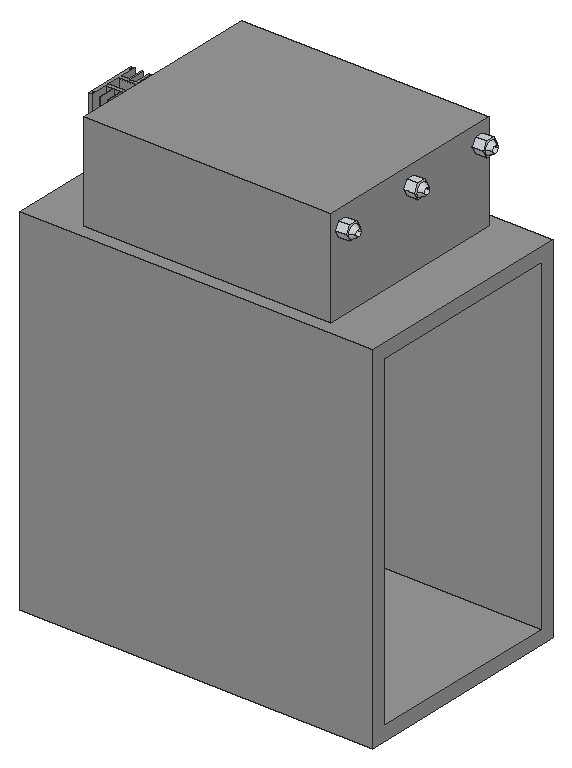
Revit family "НЕВАТОМ_Нaгреватель NEP-E, Версия 2", category Оборудование, Revit 2017
Family settings
  Размер круглого соединителя = Использовать диаметр
  Тип детали = Нормальный
  На основе рабочей плоскости = Нет
  Всегда вертикально = Да
  При загрузке вырезать с полостями = Нет
  Общий = Нет
  Точка расчета площади = Нет
Parameters (values of type "Нагреватель электрический NEP-E")
  НЕВАТОМ_Минимальный расход воздуха = 810.0 m³/h
  НЕВАТОМ_URL = "https://t.me/NEVATOM_Bim_bot"
  НЕВАТОМ_NEIVA = if(and(НЕВАТОМ_Минимальный расход воздуха = 432.0 m³/h, ADSK_Номинальная мощность = 6 kW), "NEIVA FPV 1000", if(and(НЕВАТОМ_Минимальный расход воздуха = 675.0 m³/h, ADSK_Номинальная мощность = 7.5 kW), "NEIVA FPV 1000", if(and(НЕВАТОМ_Минимальный расход воздуха = 675.0 m³/h, ADSK_Номинальная мощность = 15 kW), "NEIVA FPV 1000", if(and(НЕВАТОМ_Минимальный расход воздуха = 810.0 m³/h, ADSK_Номинальная мощность = 15 kW), "NEIVA FPV 2000", if(and(НЕВАТОМ_Минимальный расход воздуха = 810.0 m³/h, ADSK_Номинальная мощность = 22.5 kW), "NEIVA FPV 2000", if(and(НЕВАТОМ_Минимальный расход воздуха = 1134.0 m³/h, ADSK_Номинальная мощность = 15 kW), "NEIVA FP 3000", if(and(НЕВАТОМ_Минимальный расход воздуха = 1134.0 m³/h, ADSK_Номинальная мощность = 22.5 kW), "NEIVA FP 3000", if(and(НЕВАТОМ_Минимальный расход воздуха = 1134.0 m³/h, ADSK_Номинальная мощность = 30 kW), "NEIVA FP 3000", if(and(НЕВАТОМ_Минимальный расход воздуха = 1134.0 m³/h, ADSK_Номинальная мощность = 37.5 kW), "NEIVA FP 3000", if(and(НЕВАТОМ_Минимальный расход воздуха = 432.0 m³/h, ADSK_Номинальная мощность = 6 kW), "NEIVA FR 1000", if(and(НЕВАТОМ_Минимальный расход воздуха = 432.0 m³/h, ADSK_Номинальная мощность = 12 kW), " NEIVA FR 1000", "нет данных")))))))))))  # "нет данных"
  Материал = Сталь оцинкованная
  L2 = L * 0.7  # 375.2 mm
  L = if(and(НЕВАТОМ_Минимальный расход воздуха = 243.0 m³/h, ADSK_Номинальная мощность = 3 kW), 536 mm, if(and(НЕВАТОМ_Минимальный расход воздуха = 243.0 m³/h, ADSK_Номинальная мощность = 4.5 kW), 536 mm, if(and(НЕВАТОМ_Минимальный расход воздуха = 432.0 m³/h, ADSK_Номинальная мощность = 6 kW), 536 mm, if(and(НЕВАТОМ_Минимальный расход воздуха = 432.0 m³/h, ADSK_Номинальная мощность = 12 kW), 635 mm, if(and(НЕВАТОМ_Минимальный расход воздуха = 675.0 m³/h, ADSK_Номинальная мощность = 7.5 kW), 536 mm, if(and(НЕВАТОМ_Минимальный расход воздуха = 675.0 m³/h, ADSK_Номинальная мощность = 15 kW), 536 mm, if(and(НЕВАТОМ_Минимальный расход воздуха = 810.0 m³/h, ADSK_Номинальная мощность = 7.5 kW), 536 mm, if(and(НЕВАТОМ_Минимальный расход воздуха = 810.0 m³/h, ADSK_Номинальная мощность = 15 kW), 536 mm, if(and(НЕВАТОМ_Минимальный расход воздуха = 810.0 m³/h, ADSK_Номинальная мощность = 22.5 kW), 536 mm, if(and(НЕВАТОМ_Минимальный расход воздуха = 972.0 m³/h, ADSK_Номинальная мощность = 15 kW), 536 mm, if(and(НЕВАТОМ_Минимальный расход воздуха = 972.0 m³/h, ADSK_Номинальная мощность = 22.5 kW), 536 mm, if(and(НЕВАТОМ_Минимальный расход воздуха = 1134.0 m³/h, ADSK_Номинальная мощность = 15 kW), 536 mm, if(and(НЕВАТОМ_Минимальный расход воздуха = 1134.0 m³/h, ADSK_Номинальная мощность = 22.5 kW), 536 mm, if(and(НЕВАТОМ_Минимальный расход воздуха = 1134.0 m³/h, ADSK_Номинальная мощность = 30 kW), 676 mm, if(and(НЕВАТОМ_Минимальный расход воздуха = 1134.0 m³/h, ADSK_Номинальная мощность = 37.5 kW), 776 mm, if(and(НЕВАТОМ_Минимальный расход воздуха = 1134.0 m³/h, ADSK_Номинальная мощность = 45 kW), 876 mm, if(and(НЕВАТОМ_Минимальный расход воздуха = 1512.0 m³/h, ADSK_Номинальная мощность = 15 kW), 536 mm, if(and(НЕВАТОМ_Минимальный расход воздуха = 1512.0 m³/h, ADSK_Номинальная мощность = 30 kW), 536 mm, if(and(НЕВАТОМ_Минимальный расход воздуха = 1512.0 m³/h, ADSK_Номинальная мощность = 45 kW), 536 mm, 0 mm)))))))))))))))))))  # 536 mm
  K = if(and(НЕВАТОМ_Минимальный расход воздуха = 1512.0 m³/h, ADSK_Номинальная мощность = 45 kW), 11 mm, if(and(НЕВАТОМ_Минимальный расход воздуха = 1512.0 m³/h, ADSK_Номинальная мощность = 30 kW), 11 mm, if(and(НЕВАТОМ_Минимальный расход воздуха = 1512.0 m³/h, ADSK_Номинальная мощность = 15 kW), 11 mm, 9 mm)))  # 9 mm
  H = if(and(НЕВАТОМ_Минимальный расход воздуха = 243.0 m³/h, ADSK_Номинальная мощность = 3 kW), 490 mm, if(and(НЕВАТОМ_Минимальный расход воздуха = 243.0 m³/h, ADSK_Номинальная мощность = 4.5 kW), 490 mm, if(and(НЕВАТОМ_Минимальный расход воздуха = 432.0 m³/h, ADSK_Номинальная мощность = 6 kW), 590 mm, if(and(НЕВАТОМ_Минимальный расход воздуха = 432.0 m³/h, ADSK_Номинальная мощность = 12 kW), 590 mm, if(and(НЕВАТОМ_Минимальный расход воздуха = 675.0 m³/h, ADSK_Номинальная мощность = 7.5 kW), 690 mm, if(and(НЕВАТОМ_Минимальный расход воздуха = 675.0 m³/h, ADSK_Номинальная мощность = 15 kW), 690 mm, if(and(НЕВАТОМ_Минимальный расход воздуха = 810.0 m³/h, ADSK_Номинальная мощность = 7.5 kW), 690 mm, if(and(НЕВАТОМ_Минимальный расход воздуха = 810.0 m³/h, ADSK_Номинальная мощность = 15 kW), 690 mm, if(and(НЕВАТОМ_Минимальный расход воздуха = 810.0 m³/h, ADSK_Номинальная мощность = 22.5 kW), 690 mm, if(and(НЕВАТОМ_Минимальный расход воздуха = 972.0 m³/h, ADSK_Номинальная мощность = 15 kW), 790 mm, if(and(НЕВАТОМ_Минимальный расход воздуха = 972.0 m³/h, ADSK_Номинальная мощность = 22.5 kW), 790 mm, if(and(НЕВАТОМ_Минимальный расход воздуха = 1134.0 m³/h, ADSK_Номинальная мощность = 15 kW), 790 mm, if(and(НЕВАТОМ_Минимальный расход воздуха = 1134.0 m³/h, ADSK_Номинальная мощность = 22.5 kW), 790 mm, if(and(НЕВАТОМ_Минимальный расход воздуха = 1134.0 m³/h, ADSK_Номинальная мощность = 30 kW), 790 mm, if(and(НЕВАТОМ_Минимальный расход воздуха = 1134.0 m³/h, ADSK_Номинальная мощность = 37.5 kW), 790 mm, if(and(НЕВАТОМ_Минимальный расход воздуха = 1134.0 m³/h, ADSK_Номинальная мощность = 45 kW), 790 mm, if(and(НЕВАТОМ_Минимальный расход воздуха = 1512.0 m³/h, ADSK_Номинальная мощность = 15 kW), 890 mm, if(and(НЕВАТОМ_Минимальный расход воздуха = 1512.0 m³/h, ADSK_Номинальная мощность = 30 kW), 890 mm, if(and(НЕВАТОМ_Минимальный расход воздуха = 1512.0 m³/h, ADSK_Номинальная мощность = 45 kW), 890 mm, 0 mm)))))))))))))))))))  # 690 mm
  C = if(and(НЕВАТОМ_Минимальный расход воздуха = 243.0 m³/h, ADSK_Номинальная мощность = 3 kW), 192 mm, if(and(НЕВАТОМ_Минимальный расход воздуха = 243.0 m³/h, ADSK_Номинальная мощность = 4.5 kW), 192 mm, if(and(НЕВАТОМ_Минимальный расход воздуха = 432.0 m³/h, ADSK_Номинальная мощность = 6 kW), 242 mm, if(and(НЕВАТОМ_Минимальный расход воздуха = 432.0 m³/h, ADSK_Номинальная мощность = 12 kW), 242 mm, if(and(НЕВАТОМ_Минимальный расход воздуха = 675.0 m³/h, ADSK_Номинальная мощность = 7.5 kW), 292 mm, if(and(НЕВАТОМ_Минимальный расход воздуха = 675.0 m³/h, ADSK_Номинальная мощность = 15 kW), 292 mm, if(and(НЕВАТОМ_Минимальный расход воздуха = 810.0 m³/h, ADSK_Номинальная мощность = 7.5 kW), 342 mm, if(and(НЕВАТОМ_Минимальный расход воздуха = 810.0 m³/h, ADSK_Номинальная мощность = 15 kW), 342 mm, if(and(НЕВАТОМ_Минимальный расход воздуха = 810.0 m³/h, ADSK_Номинальная мощность = 22.5 kW), 342 mm, if(and(НЕВАТОМ_Минимальный расход воздуха = 972.0 m³/h, ADSK_Номинальная мощность = 15 kW), 342 mm, if(and(НЕВАТОМ_Минимальный расход воздуха = 972.0 m³/h, ADSK_Номинальная мощность = 22.5 kW), 342 mm, if(and(НЕВАТОМ_Минимальный расход воздуха = 1134.0 m³/h, ADSK_Номинальная мощность = 15 kW), 392 mm, if(and(НЕВАТОМ_Минимальный расход воздуха = 1134.0 m³/h, ADSK_Номинальная мощность = 22.5 kW), 392 mm, if(and(НЕВАТОМ_Минимальный расход воздуха = 1134.0 m³/h, ADSK_Номинальная мощность = 30 kW), 392 mm, if(and(НЕВАТОМ_Минимальный расход воздуха = 1134.0 m³/h, ADSK_Номинальная мощность = 37.5 kW), 392 mm, if(and(НЕВАТОМ_Минимальный расход воздуха = 1134.0 m³/h, ADSK_Номинальная мощность = 45 kW), 392 mm, if(and(НЕВАТОМ_Минимальный расход воздуха = 1512.0 m³/h, ADSK_Номинальная мощность = 15 kW), 442 mm, if(and(НЕВАТОМ_Минимальный расход воздуха = 1512.0 m³/h, ADSK_Номинальная мощность = 30 kW), 442 mm, if(and(НЕВАТОМ_Минимальный расход воздуха = 1512.0 m³/h, ADSK_Номинальная мощность = 45 kW), 442 mm, 0 mm)))))))))))))))))))  # 342 mm
  B3 = B * 0.75  # 225 mm
  B2 = H - (A + 42 mm)  # 148 mm
  B = if(and(НЕВАТОМ_Минимальный расход воздуха = 243.0 m³/h, ADSK_Номинальная мощность = 3 kW), 150 mm, if(and(НЕВАТОМ_Минимальный расход воздуха = 243.0 m³/h, ADSK_Номинальная мощность = 4.5 kW), 150 mm, if(and(НЕВАТОМ_Минимальный расход воздуха = 432.0 m³/h, ADSK_Номинальная мощность = 6 kW), 200 mm, if(and(НЕВАТОМ_Минимальный расход воздуха = 432.0 m³/h, ADSK_Номинальная мощность = 12 kW), 200 mm, if(and(НЕВАТОМ_Минимальный расход воздуха = 675.0 m³/h, ADSK_Номинальная мощность = 7.5 kW), 250 mm, if(and(НЕВАТОМ_Минимальный расход воздуха = 675.0 m³/h, ADSK_Номинальная мощность = 15 kW), 250 mm, if(and(НЕВАТОМ_Минимальный расход воздуха = 810.0 m³/h, ADSK_Номинальная мощность = 7.5 kW), 300 mm, if(and(НЕВАТОМ_Минимальный расход воздуха = 810.0 m³/h, ADSK_Номинальная мощность = 15 kW), 300 mm, if(and(НЕВАТОМ_Минимальный расход воздуха = 810.0 m³/h, ADSK_Номинальная мощность = 22.5 kW), 300 mm, if(and(НЕВАТОМ_Минимальный расход воздуха = 972.0 m³/h, ADSK_Номинальная мощность = 15 kW), 300 mm, if(and(НЕВАТОМ_Минимальный расход воздуха = 972.0 m³/h, ADSK_Номинальная мощность = 22.5 kW), 300 mm, if(and(НЕВАТОМ_Минимальный расход воздуха = 1134.0 m³/h, ADSK_Номинальная мощность = 15 kW), 350 mm, if(and(НЕВАТОМ_Минимальный расход воздуха = 1134.0 m³/h, ADSK_Номинальная мощность = 22.5 kW), 350 mm, if(and(НЕВАТОМ_Минимальный расход воздуха = 1134.0 m³/h, ADSK_Номинальная мощность = 30 kW), 350 mm, if(and(НЕВАТОМ_Минимальный расход воздуха = 1134.0 m³/h, ADSK_Номинальная мощность = 37.5 kW), 300 mm, if(and(НЕВАТОМ_Минимальный расход воздуха = 1134.0 m³/h, ADSK_Номинальная мощность = 45 kW), 350 mm, if(and(НЕВАТОМ_Минимальный расход воздуха = 1512.0 m³/h, ADSK_Номинальная мощность = 15 kW), 400 mm, if(and(НЕВАТОМ_Минимальный расход воздуха = 1512.0 m³/h, ADSK_Номинальная мощность = 30 kW), 400 mm, if(and(НЕВАТОМ_Минимальный расход воздуха = 1512.0 m³/h, ADSK_Номинальная мощность = 45 kW), 400 mm, 0 mm)))))))))))))))))))  # 300 mm
  ADSK_Ток = if(and(НЕВАТОМ_Минимальный расход воздуха = 243.0 m³/h, ADSK_Номинальная мощность = 3 kW), 14.4 A, if(and(НЕВАТОМ_Минимальный расход воздуха = 243.0 m³/h, ADSK_Номинальная мощность = 4.5 kW), 7.2 A, if(and(НЕВАТОМ_Минимальный расход воздуха = 432.0 m³/h, ADSK_Номинальная мощность = 6 kW), 9.6 A, if(and(НЕВАТОМ_Минимальный расход воздуха = 432.0 m³/h, ADSK_Номинальная мощность = 12 kW), 19.2 A, if(and(НЕВАТОМ_Минимальный расход воздуха = 675.0 m³/h, ADSK_Номинальная мощность = 7.5 kW), 12 A, if(and(НЕВАТОМ_Минимальный расход воздуха = 675.0 m³/h, ADSK_Номинальная мощность = 15 kW), 24 A, if(and(НЕВАТОМ_Минимальный расход воздуха = 810.0 m³/h, ADSK_Номинальная мощность = 7.5 kW), 12 A, if(and(НЕВАТОМ_Минимальный расход воздуха = 810.0 m³/h, ADSK_Номинальная мощность = 15 kW), 24 A, if(and(НЕВАТОМ_Минимальный расход воздуха = 810.0 m³/h, ADSK_Номинальная мощность = 22.5 kW), 36 A, if(and(НЕВАТОМ_Минимальный расход воздуха = 972.0 m³/h, ADSK_Номинальная мощность = 15 kW), 24 A, if(and(НЕВАТОМ_Минимальный расход воздуха = 972.0 m³/h, ADSK_Номинальная мощность = 22.5 kW), 36 A, if(and(НЕВАТОМ_Минимальный расход воздуха = 1134.0 m³/h, ADSK_Номинальная мощность = 15 kW), 24 A, if(and(НЕВАТОМ_Минимальный расход воздуха = 1134.0 m³/h, ADSK_Номинальная мощность = 22.5 kW), 36 A, if(and(НЕВАТОМ_Минимальный расход воздуха = 1134.0 m³/h, ADSK_Номинальная мощность = 30 kW), 48 A, if(and(НЕВАТОМ_Минимальный расход воздуха = 1134.0 m³/h, ADSK_Номинальная мощность = 37.5 kW), 60 A, if(and(НЕВАТОМ_Минимальный расход воздуха = 1134.0 m³/h, ADSK_Номинальная мощность = 45 kW), 72 A, if(and(НЕВАТОМ_Минимальный расход воздуха = 1512.0 m³/h, ADSK_Номинальная мощность = 15 kW), 24 A, if(and(НЕВАТОМ_Минимальный расход воздуха = 1512.0 m³/h, ADSK_Номинальная мощность = 30 kW), 48 A, if(and(НЕВАТОМ_Минимальный расход воздуха = 1512.0 m³/h, ADSK_Номинальная мощность = 45 kW), 72 A, 0 A)))))))))))))))))))  # 12 A
  ADSK_Температура воздуха на выходе из нагревателя = -10 °C
  ADSK_Температура воздуха на входе в нагреватель = -37 °C
  ADSK_Примечание = "Подбор через ADSK_Номинальная мощность и НЕВАТОМ_Минимальный расход воздуха"
  ADSK_Полная мощность = ADSK_Номинальная мощность / ADSK_Коэффициент мощности  # 13680 VA
  ADSK_Позиция = ""
  ADSK_Номинальная мощность = 7.5 kW
  ADSK_Напряжение = if(and(НЕВАТОМ_Минимальный расход воздуха = 243.0 m³/h, ADSK_Номинальная мощность = 3 kW), 220 V, if(and(НЕВАТОМ_Минимальный расход воздуха = 243.0 m³/h, ADSK_Номинальная мощность = 4.5 kW), 380 V, if(and(НЕВАТОМ_Минимальный расход воздуха = 432.0 m³/h, ADSK_Номинальная мощность = 6 kW), 380 V, if(and(НЕВАТОМ_Минимальный расход воздуха = 432.0 m³/h, ADSK_Номинальная мощность = 12 kW), 380 V, if(and(НЕВАТОМ_Минимальный расход воздуха = 675.0 m³/h, ADSK_Номинальная мощность = 7.5 kW), 380 V, if(and(НЕВАТОМ_Минимальный расход воздуха = 675.0 m³/h, ADSK_Номинальная мощность = 15 kW), 380 V, if(and(НЕВАТОМ_Минимальный расход воздуха = 810.0 m³/h, ADSK_Номинальная мощность = 7.5 kW), 380 V, if(and(НЕВАТОМ_Минимальный расход воздуха = 810.0 m³/h, ADSK_Номинальная мощность = 15 kW), 380 V, if(and(НЕВАТОМ_Минимальный расход воздуха = 810.0 m³/h, ADSK_Номинальная мощность = 22.5 kW), 380 V, if(and(НЕВАТОМ_Минимальный расход воздуха = 972.0 m³/h, ADSK_Номинальная мощность = 15 kW), 380 V, if(and(НЕВАТОМ_Минимальный расход воздуха = 972.0 m³/h, ADSK_Номинальная мощность = 22.5 kW), 380 V, if(and(НЕВАТОМ_Минимальный расход воздуха = 1134.0 m³/h, ADSK_Номинальная мощность = 15 kW), 380 V, if(and(НЕВАТОМ_Минимальный расход воздуха = 1134.0 m³/h, ADSK_Номинальная мощность = 22.5 kW), 380 V, if(and(НЕВАТОМ_Минимальный расход воздуха = 1134.0 m³/h, ADSK_Номинальная мощность = 30 kW), 380 V, if(and(НЕВАТОМ_Минимальный расход воздуха = 1134.0 m³/h, ADSK_Номинальная мощность = 37.5 kW), 380 V, if(and(НЕВАТОМ_Минимальный расход воздуха = 1134.0 m³/h, ADSK_Номинальная мощность = 45 kW), 380 V, if(and(НЕВАТОМ_Минимальный расход воздуха = 1512.0 m³/h, ADSK_Номинальная мощность = 15 kW), 380 V, if(and(НЕВАТОМ_Минимальный расход воздуха = 1512.0 m³/h, ADSK_Номинальная мощность = 30 kW), 380 V, if(and(НЕВАТОМ_Минимальный расход воздуха = 1512.0 m³/h, ADSK_Номинальная мощность = 45 kW), 380 V, 0 V)))))))))))))))))))  # 380 V
  ADSK_Наименование = "Нагреватель электрический прямоугольный с комплектом автоматики"  # constant formula
  ADSK_Масса = if(and(НЕВАТОМ_Минимальный расход воздуха = 243.0 m³/h, ADSK_Номинальная мощность = 3 kW), 8, if(and(НЕВАТОМ_Минимальный расход воздуха = 243.0 m³/h, ADSK_Номинальная мощность = 4.5 kW), 8, if(and(НЕВАТОМ_Минимальный расход воздуха = 432.0 m³/h, ADSK_Номинальная мощность = 6 kW), 16, if(and(НЕВАТОМ_Минимальный расход воздуха = 432.0 m³/h, ADSK_Номинальная мощность = 12 kW), 16, if(and(НЕВАТОМ_Минимальный расход воздуха = 675.0 m³/h, ADSK_Номинальная мощность = 7.5 kW), 12, if(and(НЕВАТОМ_Минимальный расход воздуха = 675.0 m³/h, ADSK_Номинальная мощность = 15 kW), 15, if(and(НЕВАТОМ_Минимальный расход воздуха = 810.0 m³/h, ADSK_Номинальная мощность = 7.5 kW), 12, if(and(НЕВАТОМ_Минимальный расход воздуха = 810.0 m³/h, ADSK_Номинальная мощность = 15 kW), 15.7, if(and(НЕВАТОМ_Минимальный расход воздуха = 810.0 m³/h, ADSK_Номинальная мощность = 22.5 kW), 20, if(and(НЕВАТОМ_Минимальный расход воздуха = 972.0 m³/h, ADSK_Номинальная мощность = 15 kW), 17, if(and(НЕВАТОМ_Минимальный расход воздуха = 972.0 m³/h, ADSK_Номинальная мощность = 22.5 kW), 23, if(and(НЕВАТОМ_Минимальный расход воздуха = 1134.0 m³/h, ADSK_Номинальная мощность = 15 kW), 18, if(and(НЕВАТОМ_Минимальный расход воздуха = 1134.0 m³/h, ADSK_Номинальная мощность = 22.5 kW), 24.6, if(and(НЕВАТОМ_Минимальный расход воздуха = 1134.0 m³/h, ADSK_Номинальная мощность = 30 kW), 29, if(and(НЕВАТОМ_Минимальный расход воздуха = 1134.0 m³/h, ADSK_Номинальная мощность = 37.5 kW), 33, if(and(НЕВАТОМ_Минимальный расход воздуха = 1134.0 m³/h, ADSK_Номинальная мощность = 45 kW), 37, if(and(НЕВАТОМ_Минимальный расход воздуха = 1512.0 m³/h, ADSK_Номинальная мощность = 15 kW), 27, if(and(НЕВАТОМ_Минимальный расход воздуха = 1512.0 m³/h, ADSK_Номинальная мощность = 30 kW), 28, if(and(НЕВАТОМ_Минимальный расход воздуха = 1512.0 m³/h, ADSK_Номинальная мощность = 45 kW), 42, 0)))))))))))))))))))  # 12
  ADSK_Марка = if(and(НЕВАТОМ_Минимальный расход воздуха = 243.0 m³/h, ADSK_Номинальная мощность = 3 kW), "NEP-E-300-150/3", if(and(НЕВАТОМ_Минимальный расход воздуха = 243.0 m³/h, ADSK_Номинальная мощность = 4.5 kW), "NEP-E-300-150/4.5", if(and(НЕВАТОМ_Минимальный расход воздуха = 432.0 m³/h, ADSK_Номинальная мощность = 6 kW), "NEP-E-400-200/6", if(and(НЕВАТОМ_Минимальный расход воздуха = 432.0 m³/h, ADSK_Номинальная мощность = 12 kW), " NEP-E-400-200/12", if(and(НЕВАТОМ_Минимальный расход воздуха = 675.0 m³/h, ADSK_Номинальная мощность = 7.5 kW), "NEP-E-500-250/7.5", if(and(НЕВАТОМ_Минимальный расход воздуха = 675.0 m³/h, ADSK_Номинальная мощность = 15 kW), "NEP-E-500-250/15", if(and(НЕВАТОМ_Минимальный расход воздуха = 810.0 m³/h, ADSK_Номинальная мощность = 7.5 kW), "NEP-E-500-300/7.5", if(and(НЕВАТОМ_Минимальный расход воздуха = 810.0 m³/h, ADSK_Номинальная мощность = 15 kW), "NEP-E-500-300/15", if(and(НЕВАТОМ_Минимальный расход воздуха = 810.0 m³/h, ADSK_Номинальная мощность = 22.5 kW), "NEP-E-500-300/22.5", if(and(НЕВАТОМ_Минимальный расход воздуха = 972.0 m³/h, ADSK_Номинальная мощность = 15 kW), "NEP-E-600-300/15", if(and(НЕВАТОМ_Минимальный расход воздуха = 972.0 m³/h, ADSK_Номинальная мощность = 22.5 kW), "NEP-E-600-300/22.5", if(and(НЕВАТОМ_Минимальный расход воздуха = 1134.0 m³/h, ADSK_Номинальная мощность = 15 kW), "NEP-E-600-350/15", if(and(НЕВАТОМ_Минимальный расход воздуха = 1134.0 m³/h, ADSK_Номинальная мощность = 22.5 kW), "NEP-E-600-350/22.5", if(and(НЕВАТОМ_Минимальный расход воздуха = 1134.0 m³/h, ADSK_Номинальная мощность = 30 kW), "NEP-E-600-350/30", if(and(НЕВАТОМ_Минимальный расход воздуха = 1134.0 m³/h, ADSK_Номинальная мощность = 37.5 kW), "NEP-E-600-350/37.5", if(and(НЕВАТОМ_Минимальный расход воздуха = 1134.0 m³/h, ADSK_Номинальная мощность = 45 kW), "NEP-E-600-350/45", if(and(НЕВАТОМ_Минимальный расход воздуха = 1512.0 m³/h, ADSK_Номинальная мощность = 15 kW), "NEP-E-700-400/15", if(and(НЕВАТОМ_Минимальный расход воздуха = 1512.0 m³/h, ADSK_Номинальная мощность = 30 kW), "NEP-E-700-400/30", if(and(НЕВАТОМ_Минимальный расход воздуха = 1512.0 m³/h, ADSK_Номинальная мощность = 45 kW), "NEP-E-700-400/45", "нет в каталоге")))))))))))))))))))  # "NEP-E-500-300/7.5"
  ADSK_Коэффициент мощности = ADSK_Номинальная мощность / (ADSK_Напряжение * ADSK_Количество фаз числовое * ADSK_Ток)  # 0.54825
  ADSK_Количество фаз числовое = if(and(НЕВАТОМ_Минимальный расход воздуха = 243.0 m³/h, ADSK_Номинальная мощность = 3 kW), 1, if(and(НЕВАТОМ_Минимальный расход воздуха = 243.0 m³/h, ADSK_Номинальная мощность = 4.5 kW), 3, if(and(НЕВАТОМ_Минимальный расход воздуха = 432.0 m³/h, ADSK_Номинальная мощность = 6 kW), 3, if(and(НЕВАТОМ_Минимальный расход воздуха = 432.0 m³/h, ADSK_Номинальная мощность = 12 kW), 3, if(and(НЕВАТОМ_Минимальный расход воздуха = 675.0 m³/h, ADSK_Номинальная мощность = 7.5 kW), 3, if(and(НЕВАТОМ_Минимальный расход воздуха = 675.0 m³/h, ADSK_Номинальная мощность = 15 kW), 3, if(and(НЕВАТОМ_Минимальный расход воздуха = 810.0 m³/h, ADSK_Номинальная мощность = 7.5 kW), 3, if(and(НЕВАТОМ_Минимальный расход воздуха = 810.0 m³/h, ADSK_Номинальная мощность = 15 kW), 3, if(and(НЕВАТОМ_Минимальный расход воздуха = 810.0 m³/h, ADSK_Номинальная мощность = 22.5 kW), 3, if(and(НЕВАТОМ_Минимальный расход воздуха = 972.0 m³/h, ADSK_Номинальная мощность = 15 kW), 3, if(and(НЕВАТОМ_Минимальный расход воздуха = 972.0 m³/h, ADSK_Номинальная мощность = 22.5 kW), 3, if(and(НЕВАТОМ_Минимальный расход воздуха = 1134.0 m³/h, ADSK_Номинальная мощность = 15 kW), 3, if(and(НЕВАТОМ_Минимальный расход воздуха = 1134.0 m³/h, ADSK_Номинальная мощность = 22.5 kW), 3, if(and(НЕВАТОМ_Минимальный расход воздуха = 1134.0 m³/h, ADSK_Номинальная мощность = 30 kW), 3, if(and(НЕВАТОМ_Минимальный расход воздуха = 1134.0 m³/h, ADSK_Номинальная мощность = 37.5 kW), 3, if(and(НЕВАТОМ_Минимальный расход воздуха = 1134.0 m³/h, ADSK_Номинальная мощность = 45 kW), 3, if(and(НЕВАТОМ_Минимальный расход воздуха = 1512.0 m³/h, ADSK_Номинальная мощность = 15 kW), 3, if(and(НЕВАТОМ_Минимальный расход воздуха = 1512.0 m³/h, ADSK_Номинальная мощность = 30 kW), 3, if(and(НЕВАТОМ_Минимальный расход воздуха = 1512.0 m³/h, ADSK_Номинальная мощность = 45 kW), 3, 0)))))))))))))))))))  # 3
  ADSK_Количество фаз [instance] = ADSK_Количество фаз числовое  # 3
  ADSK_Количество = 1  # constant formula
  ADSK_Код изделия = ""
  ADSK_Завод-изготовитель = "НЕВАТОМ"  # constant formula
  ADSK_Единица измерения = "шт."  # constant formula
  A+42 = A + 42 mm  # 542 mm
  A = if(and(НЕВАТОМ_Минимальный расход воздуха = 243.0 m³/h, ADSK_Номинальная мощность = 3 kW), 300 mm, if(and(НЕВАТОМ_Минимальный расход воздуха = 243.0 m³/h, ADSK_Номинальная мощность = 4.5 kW), 300 mm, if(and(НЕВАТОМ_Минимальный расход воздуха = 432.0 m³/h, ADSK_Номинальная мощность = 6 kW), 400 mm, if(and(НЕВАТОМ_Минимальный расход воздуха = 432.0 m³/h, ADSK_Номинальная мощность = 12 kW), 400 mm, if(and(НЕВАТОМ_Минимальный расход воздуха = 675.0 m³/h, ADSK_Номинальная мощность = 7.5 kW), 500 mm, if(and(НЕВАТОМ_Минимальный расход воздуха = 675.0 m³/h, ADSK_Номинальная мощность = 15 kW), 500 mm, if(and(НЕВАТОМ_Минимальный расход воздуха = 810.0 m³/h, ADSK_Номинальная мощность = 7.5 kW), 500 mm, if(and(НЕВАТОМ_Минимальный расход воздуха = 810.0 m³/h, ADSK_Номинальная мощность = 15 kW), 500 mm, if(and(НЕВАТОМ_Минимальный расход воздуха = 810.0 m³/h, ADSK_Номинальная мощность = 22.5 kW), 500 mm, if(and(НЕВАТОМ_Минимальный расход воздуха = 972.0 m³/h, ADSK_Номинальная мощность = 15 kW), 600 mm, if(and(НЕВАТОМ_Минимальный расход воздуха = 972.0 m³/h, ADSK_Номинальная мощность = 22.5 kW), 600 mm, if(and(НЕВАТОМ_Минимальный расход воздуха = 1134.0 m³/h, ADSK_Номинальная мощность = 15 kW), 600 mm, if(and(НЕВАТОМ_Минимальный расход воздуха = 1134.0 m³/h, ADSK_Номинальная мощность = 22.5 kW), 600 mm, if(and(НЕВАТОМ_Минимальный расход воздуха = 1134.0 m³/h, ADSK_Номинальная мощность = 30 kW), 600 mm, if(and(НЕВАТОМ_Минимальный расход воздуха = 1134.0 m³/h, ADSK_Номинальная мощность = 37.5 kW), 600 mm, if(and(НЕВАТОМ_Минимальный расход воздуха = 1134.0 m³/h, ADSK_Номинальная мощность = 45 kW), 600 mm, if(and(НЕВАТОМ_Минимальный расход воздуха = 1512.0 m³/h, ADSK_Номинальная мощность = 15 kW), 700 mm, if(and(НЕВАТОМ_Минимальный расход воздуха = 1512.0 m³/h, ADSK_Номинальная мощность = 30 kW), 700 mm, if(and(НЕВАТОМ_Минимальный расход воздуха = 1512.0 m³/h, ADSK_Номинальная мощность = 45 kW), 700 mm, 0 mm)))))))))))))))))))  # 500 mm
Reference planes
  plane 1 "По центру (Вперед/Назад)": y = 0
  plane 2: z = 0
  plane 3 "По центру (Влево/Вправо)": x = 0
  plane 4: x = 268
  plane 5: x = -268
  plane 6: x = -187.6
  plane 7: x = 187.6
  plane 8: z = -271
  plane 9: z = 271
  plane 10: z = 419
  plane 11: y = -150
  plane 12: y = 150
Forms (mm)
  Extrusion 1, solid, material "Сталь оцинкованная", detail levels medium+fine
    sketch origin (0, 0, 0) x (0, 1, 0) y (0, 0, 1)
      loop
        line (-171, 271) -> (-171, -271) -> (171, -271) -> (171, 271) -> (-171, 271)
      loop
        line (-150, 250) -> (-150, -250) -> (150, -250) -> (150, 250) -> (-150, 250)
    from -268 to 268
  Extrusion 2, solid, material "Сталь оцинкованная", detail levels medium+fine
    sketch origin (0, 0, 153.118) x (0, 1, 0) y (0, 0, 1)
      loop
        line (-150, 265.882) -> (-150, 117.882) -> (150, 117.882) -> (150, 265.882) -> (-150, 265.882)
    from -187.6 to 187.6
Dimensions and locks
  equal spacing: plane 5, plane 3 "По центру (Влево/Вправо)", plane 4
  "L": plane 5 to plane 4
  equal spacing: Extrusion 1 sketch curve, level, Extrusion 1 sketch curve  (x3)
  equal spacing: Extrusion 1 sketch curve, plane 1 "По центру (Вперед/Назад)", Extrusion 1 sketch curve  (x2)
  "C": Extrusion 1 sketch curve to Extrusion 1 sketch curve
  "A": Extrusion 1 sketch curve to Extrusion 1 sketch curve
  "A+42": Extrusion 1 sketch curve to Extrusion 1 sketch curve
  "B": Extrusion 1 sketch curve to Extrusion 1 sketch curve
  plane 4 to plane 5 = 536 mm
  equal spacing: Extrusion 2 sketch curve, nested 1, Extrusion 2 sketch curve
  "B": Extrusion 2 sketch curve to Extrusion 2 sketch curve
  equal spacing: plane 9, level, plane 8
  "A+42": plane 9 to plane 8
  "L2": plane 7 to plane 6
  plane 7 to plane 3 "По центру (Влево/Вправо)" to plane 6 = 187.6 mm, 187.6 mm
  equal spacing: plane 7, plane 3 "По центру (Влево/Вправо)", plane 6
  "B2": plane 10 to plane 9
  locked: plane 10 to nested 2 at 15
  equal spacing: plane 11, plane 1 "По центру (Вперед/Назад)", plane 12
  "B": plane 11 to plane 12
  locked: plane 11 to nested 3 at 7.315
  locked: plane 10 to nested 3 at 15
  locked: nested 4 to plane 10 at 25.986
  locked: nested 4 to plane 12 at 20
  aligned and locked: level to plane 2
  aligned and locked: Extrusion 1 to plane 5
  aligned and locked: plane 4 to Extrusion 1
  aligned and locked: plane 9 to Extrusion 1
  aligned and locked: Extrusion 1 to plane 8
  aligned and locked: Extrusion 2 to plane 6
  aligned and locked: plane 7 to Extrusion 2
  aligned and locked: plane 6 to nested 1
  aligned and locked: nested 1 to plane 9
  aligned and locked: plane 10 to Extrusion 2
Automatic sketch dimensions
  Extrusion 2 sketch curve to plane 9 = 0 mm
  Extrusion 2 sketch curve to plane 10 = 0 mm
Nested families
  nested 1: "НЕВАТОМ_Радиатор 3SSR" at (-227.6, 0, 271) x (0, 1, 0) z (0, 0, 1), type "Радиатор для 3-фазного твердотельного реле 3SSR", detail levels medium+fine
  nested 2: "NEVATOM_кабельный ввод PG11" at (187.6, 0, 393.014) x (0, 1, 0) z (1, 0, 0), type "PG11", detail levels medium+fine
  nested 3: "NEVATOM_кабельный ввод PG11" at (187.6, -130, 393.014) x (0, 1, 0) z (1, 0, 0), type "PG11", detail levels medium+fine
  nested 4: "NEVATOM_кабельный ввод PG11" at (187.6, 130, 393.014) x (0, 1, 0) z (1, 0, 0), type "PG11", detail levels medium+fine
  nested 5: "НЕВАТОМ_УГО_Нагреватель NEP-E, Версия 2" at (0, 0, 0), L <- "L", C <- "C", type "НЕВАТОМ_УГО_Нагреватель NEP-E, Версия 2"
    with b 134 mm, L 536 mm, C 342 mm
Connectors
  hvac at (268, 0, 0), driven by "A", driven by "B", driven by "НЕВАТОМ_Минимальный расход воздуха"
    settings: on Extrusion 1, index 1, duct flow 810.0 m³/h, flow factor 0, pres drop 0.0 Pa, loss coef 0, conn angle 0.00°, conn width 300 mm, conn height 500 mm, conn diameter 609.6 mm, duct sys type 29, conn prof type 1, flow config 0, flow direction 0, loss method 0, conn ref index -1, conn util no, is conn primary yes, conn desc ""
  hvac at (-268, 0, 0), driven by "A", driven by "B", driven by "НЕВАТОМ_Минимальный расход воздуха"
    settings: on Extrusion 1, index 2, duct flow 810.0 m³/h, flow factor 0, pres drop 0.0 Pa, loss coef 0, conn angle 0.00°, conn width 300 mm, conn height 500 mm, conn diameter 609.6 mm, duct sys type 29, conn prof type 1, flow config 0, flow direction 0, loss method 0, conn ref index -1, conn util no, is conn primary no, conn desc ""
  electrical at (205.6, 130, 393.014), driven by "ADSK_Номинальная мощность", driven by "ADSK_Напряжение", driven by "ADSK_Коэффициент мощности", driven by "ADSK_Полная мощность", driven by "ADSK_Количество фаз"
    settings: on nested 4, index 3, voltage 380 V, apparent load 13680 VA, apparent load phase1 7500 VA, apparent load phase2 0 VA, apparent load phase3 0 VA, power factor 0.54825, load classification "ОВК", number of poles 3, system type 30, power factor state 1, is connector primary yes, connector utility no, sub classification motor no, connector description "Соединитель N3"
  electrical at (205.6, 0, 393.014), driven by "ADSK_Полная мощность", driven by "ADSK_Напряжение", driven by "ADSK_Коэффициент мощности", driven by "ADSK_Полная мощность", driven by "ADSK_Количество фаз"
    settings: on nested 2, index 4, voltage 380 V, apparent load 13680 VA, apparent load phase1 13680 VA, apparent load phase2 0 VA, apparent load phase3 0 VA, power factor 0.54825, load classification "ОВК", number of poles 3, system type 30, power factor state 1, is connector primary no, connector utility no, sub classification motor no, connector description "Соединитель N2"
  electrical at (205.6, -130, 393.014), driven by "ADSK_Напряжение", driven by "ADSK_Полная мощность", driven by "ADSK_Коэффициент мощности", driven by "ADSK_Полная мощность", driven by "ADSK_Количество фаз"
    settings: on nested 3, index 5, voltage 380 V, apparent load 13680 VA, apparent load phase1 13680 VA, apparent load phase2 0 VA, apparent load phase3 0 VA, power factor 0.54825, load classification "ОВК", number of poles 3, system type 30, power factor state 1, is connector primary no, connector utility no, sub classification motor no, connector description "Соединитель N1"
Definition of nested family "НЕВАТОМ_Радиатор 3SSR"
  Parameters (values of type "Радиатор для 3-фазного твердотельного реле 3SSR")
    Материал = none
    ADSK_Позиция = ""
    ADSK_Обозначение = ""
    ADSK_Наименование = "Радиатор 3SSR"  # constant formula
    ADSK_Материал наименование = ""
    ADSK_Масса = 0
    ADSK_Количество = 1
    ADSK_Код изделия = ""
    ADSK_Завод-изготовитель = "ARK7"  # constant formula
    ADSK_Единица измерения = "шт."  # constant formula
    ADSK_URL страницы изделия = ""
  Reference planes
    plane 1 "По центру (Вперед/Назад)": y = 0
    plane 2: z = 0
    plane 3 "По центру (Влево/Вправо)": x = 0
  Forms (mm)
    Extrusion 1, solid, material <- "Материал"
      sketch origin (0, 0, 0) x (1, 0, 0) y (0, 1, 0)
        loop
          line (-10.033, 35.034) -> (-10.033, -35) -> (10.025, -35) -> (10.025, 35.034) -> (-10.033, 35.034)
        loop
          line (-15.033, 35.034) -> (-15.033, 24.073) -> (-39.49, 24.073) -> (-39.49, 22.049) -> (-15.033, 22.049) -> (-15.033, 12.535) -> (-39.49, 12.535) -> (-39.49, 10.54) -> (-15.033, 10.54) -> (-15.033, 1.009) -> (-39.49, 1.009) -> (-39.49, -1.015) -> (-15.033, -1.015) -> (-15.033, -10.551) -> (-39.49, -10.551) -> (-39.49, -12.512) -> (-15.033, -12.512) -> (-15.033, -22.046) -> (-39.49, -22.046) -> (-39.49, -24.001) -> (-15.033, -24.001) -> (-15.033, -35) -> (-32.013, -35) -> (-32.013, -33.017) -> (-40, -33.017) -> (-40, -35) -> (-50, -35) -> (-50, -40) -> (50, -40) -> (50, -35) -> (40, -35) -> (40, -33.017) -> (32.031, -33.017) -> (32.031, -35) -> (15.025, -35) -> (15.025, -24.001) -> (39.545, -24.001) -> (39.545, -22.046) -> (15.025, -22.046) -> (15.025, -12.512) -> (39.545, -12.512) -> (39.545, -10.551) -> (15.025, -10.551) -> (15.025, -1.015) -> (39.545, -1.015) -> (39.545, 1.009) -> (15.025, 1.009) -> (15.025, 10.54) -> (39.545, 10.54) -> (39.545, 12.535) -> (15.025, 12.535) -> (15.025, 22.049) -> (39.545, 22.049) -> (39.545, 24.073) -> (15.025, 24.073) -> (15.025, 35.034) -> (40, 35.034) -> (40, 40) -> (-40, 40) -> (-40, 35.034) -> (-15.033, 35.034)
        loop
          circle (-36.032, -35.776) r 1.572
        loop
          circle (36.007, -35.816) r 1.634
        loop
          circle (35.983, 36.776) r 1.181
        loop
          circle (-35.971, 36.769) r 1.244
      from 0 to 105
  Lines and regions (mm)
    reference lines
      curve 1: line (0, -40, 0) -> (-50, -40, 0)
      curve 2: line (0, -40, 0) -> (50, -40, 0)
      curve 3: line (-50, -40, 0) -> (-50, -35, 0)
      curve 4: line (-50, -35, 0) -> (-40, -35, 0)
      curve 5: line (-40, -35, 0) -> (-40, -33.017, 0)
      curve 6: line (-40, -33.017, 0) -> (-32.013, -33.017, 0)
      curve 7: line (-32.013, -33.017, 0) -> (-32.013, -35, 0)
      curve 8: line (-32.013, -35, 0) -> (-15.033, -35, 0)
      curve 9: line (50, -40, 0) -> (50, -35, 0)
      curve 10: line (50, -35, 0) -> (40, -35, 0)
      curve 11: line (40, -35, 0) -> (40, -33.017, 0)
      curve 12: line (40, -33.017, 0) -> (32.031, -33.017, 0)
      curve 13: line (32.031, -33.017, 0) -> (32.031, -35, 0)
      curve 14: line (32.031, -35, 0) -> (15.025, -35, 0)
      curve 15: line (-15.033, -35, 0) -> (-15.033, -24.001, 0)
      curve 16: line (15.025, -35, 0) -> (15.025, -24.001, 0)
      curve 17: line (-15.033, -24.001, 0) -> (-39.49, -24.001, 0)
      curve 18: line (-39.49, -24.001, 0) -> (-39.49, -22.046, 0)
      curve 19: line (-39.49, -22.046, 0) -> (-15.033, -22.046, 0)
      curve 20: line (15.025, -24.001, 0) -> (39.545, -24.001, 0)
      curve 21: line (39.545, -24.001, 0) -> (39.545, -22.046, 0)
      curve 22: line (39.545, -22.046, 0) -> (15.025, -22.046, 0)
      curve 23: line (-15.033, -22.046, 0) -> (-15.033, -12.512, 0)
      curve 24: line (-15.033, -12.512, 0) -> (-39.49, -12.512, 0)
      curve 25: line (-39.49, -12.512, 0) -> (-39.49, -10.551, 0)
      curve 26: line (-39.49, -10.551, 0) -> (-15.033, -10.551, 0)
      curve 27: line (15.025, -22.046, 0) -> (15.025, -12.512, 0)
      curve 28: line (15.025, -12.512, 0) -> (39.545, -12.512, 0)
      curve 29: line (39.545, -12.512, 0) -> (39.545, -10.551, 0)
      curve 30: line (39.545, -10.551, 0) -> (15.025, -10.551, 0)
      curve 31: line (-15.033, -10.551, 0) -> (-15.033, -1.015, 0)
      curve 32: line (-15.033, -1.015, 0) -> (-39.49, -1.015, 0)
      curve 33: line (-39.49, -1.015, 0) -> (-39.49, 1.009, 0)
      curve 34: line (-39.49, 1.009, 0) -> (-15.033, 1.009, 0)
      curve 35: line (15.025, -10.551, 0) -> (15.025, -1.015, 0)
      curve 36: line (15.025, -1.015, 0) -> (39.545, -1.015, 0)
      curve 37: line (39.545, -1.015, 0) -> (39.545, 1.009, 0)
      curve 38: line (39.545, 1.009, 0) -> (15.025, 1.009, 0)
      curve 39: line (-15.033, 1.009, 0) -> (-15.033, 10.54, 0)
      curve 40: line (-15.033, 10.54, 0) -> (-39.49, 10.54, 0)
      curve 41: line (-39.49, 10.54, 0) -> (-39.49, 12.535, 0)
      curve 42: line (-39.49, 12.535, 0) -> (-15.033, 12.535, 0)
      curve 43: line (15.025, 1.009, 0) -> (15.025, 10.54, 0)
      curve 44: line (15.025, 10.54, 0) -> (39.545, 10.54, 0)
      curve 45: line (39.545, 10.54, 0) -> (39.545, 12.535, 0)
      curve 46: line (39.545, 12.535, 0) -> (15.025, 12.535, 0)
      curve 47: line (-15.033, 12.535, 0) -> (-15.033, 22.049, 0)
      curve 48: line (-15.033, 22.049, 0) -> (-39.49, 22.049, 0)
      curve 49: line (-39.49, 22.049, 0) -> (-39.49, 24.073, 0)
      curve 50: line (-39.49, 24.073, 0) -> (-15.033, 24.073, 0)
      curve 51: line (15.025, 12.535, 0) -> (15.025, 22.049, 0)
      curve 52: line (15.025, 22.049, 0) -> (39.545, 22.049, 0)
      curve 53: line (39.545, 22.049, 0) -> (39.545, 24.073, 0)
      curve 54: line (39.545, 24.073, 0) -> (15.025, 24.073, 0)
      curve 55: line (-15.033, 24.073, 0) -> (-15.033, 35.034, 0)
      curve 56: line (15.025, 24.073, 0) -> (15.025, 35.034, 0)
      curve 57: line (-15.033, 35.034, 0) -> (-40, 35.034, 0)
      curve 58: line (-40, 35.034, 0) -> (-40, 40, 0)
      curve 59: line (-40, 40, 0) -> (40, 40, 0)
      curve 60: line (40, 40, 0) -> (40, 35.034, 0)
      curve 61: line (40, 35.034, 0) -> (15.025, 35.034, 0)
      curve 62: line (-10.033, 35.034, 0) -> (10.025, 35.034, 0)
      curve 63: line (-10.033, 35.034, 0) -> (-10.033, -35, 0)
      curve 64: line (-10.033, -35, 0) -> (10.025, -35, 0)
      curve 65: line (10.025, -35, 0) -> (10.025, 35.034, 0)
      curve 66: circle (-36.032, -35.776, 0) r 1.572 normal (0, 0, 1)
      curve 67: circle (36.007, -35.816, 0) r 1.634 normal (0, 0, 1)
      curve 68: circle (-35.971, 36.769, 0) r 1.244 normal (0, 0, 1)
      curve 69: circle (35.983, 36.776, 0) r 1.181 normal (0, 0, 1)
  Dimensions and locks
    aligned and locked: level to plane 2
Definition of nested family "NEVATOM_кабельный ввод PG11"
  Parameters (values of type "PG11")
    Default Elevation = 1219.2 mm
    d = 10 mm
    b = 25.371 mm
    a = 21.972 mm
    H = 26 mm
  Reference planes
    plane 1 "По центру (Вперед/Назад)": y = 0
    plane 2: z = 0
    plane 3 "По центру (Влево/Вправо)": x = 0
    plane 4: z = 26
    plane 5: z = 18
    plane 6: x = -12.685
  Forms (mm)
    Extrusion 1, solid
      sketch origin (0, 0, 0) x (1, 0, 0) y (0, 1, 0)
        loop
          line (12.685, 0) -> (6.343, 10.986) -> (-6.343, 10.986) -> (-12.685, 0) -> (-6.343, -10.986) -> (6.343, -10.986) -> (12.685, 0)
        loop
          circle (0, 0) r 5
      from 0 to 18
    Blend 2, solid
      base sketch origin (0, 0, 0) x (1, 0, 0) y (0, 1, 0)
        loop
          circle (0, 0) r 10
      top sketch origin (0, 0, 0) x (1, 0, 0) y (0, 1, 0)
        loop
          circle (0, 0) r 5
      from 18 to 26
    Extrusion 3, void
      sketch origin (0, 0, 0) x (1, 0, 0) y (0, 1, 0)
        loop
          circle (0, 0) r 5.415
      from 0 to 26
  Cuts and joins
    Extrusion 3 cuts Extrusion 1
    Extrusion 3 cuts Blend 2
  Dimensions and locks
    "H": plane 4 to level
    aligned and locked: level to plane 2
  Automatic sketch dimensions
    plane 1 "По центру (Вперед/Назад)" to Extrusion 1 sketch curve = 0 mm  (x3)
    Extrusion 1 sketch curve to plane 6 = 0 mm
    Extrusion 1 sketch curve to plane 3 "По центру (Влево/Вправо)" = 0 mm
    Extrusion 1 sketch curve to plane 3 "По центру (Влево/Вправо)" = 6.343 mm  (x2)
    plane 3 "По центру (Влево/Вправо)" to Extrusion 1 sketch curve = 6.343 mm  (x2)
    Extrusion 1 sketch curve to Extrusion 1 sketch curve = 6.343 mm
    plane 1 "По центру (Вперед/Назад)" to Extrusion 1 sketch curve = 10.986 mm
    Extrusion 1 sketch curve to plane 1 "По центру (Вперед/Назад)" = 10.986 mm
    plane 1 "По центру (Вперед/Назад)" to Blend 2 sketch curve = 0 mm  (x2)
    Blend 2 sketch curve to plane 3 "По центру (Влево/Вправо)" = 0 mm  (x2)
    plane 1 "По центру (Вперед/Назад)" to Extrusion 3 sketch curve = 0 mm
    Extrusion 3 sketch curve to plane 3 "По центру (Влево/Вправо)" = 0 mm
    radius of Extrusion 1 sketch curve = 5 mm
    radius of Blend 2 sketch curve = 10 mm
    radius of Blend 2 sketch curve = 5 mm
    radius of Extrusion 3 sketch curve = 5.415 mm
Definition of nested family "НЕВАТОМ_УГО_Нагреватель NEP-E, Версия 2"
  Parameters (values of type "НЕВАТОМ_УГО_Нагреватель NEP-E, Версия 2")
    b [instance] = L / 4  # 250 mm
    C [instance] = 1000 mm
    L [instance] = 1000 mm
  Reference planes
    plane 1 "По центру (Вперед/Назад)": y = 0
    plane 2: z = 0
    plane 3 "По центру (Влево/Вправо)": x = 0
  Lines and regions (mm)
    model lines
      curve 1: line (-500, 500, 0) -> (500, 500, 0)
      curve 2: line (-500, -500, 0) -> (-500, 500, 0)
      curve 3: line (500, -500, 0) -> (-500, -500, 0)
      curve 4: line (500, 500, 0) -> (500, -500, 0)
      curve 5: line (184.886, 27.318, 0) -> (250, -27.318, 0)
      curve 6: line (250, -27.318, 0) -> (250, 27.318, 0)
      curve 7: line (250, 27.318, 0) -> (303.033, -25.715, 0)
      curve 8: line (303.033, -25.715, 0) -> (295.494, -5.002, 0)
      curve 9: line (303.033, -25.715, 0) -> (282.32, -18.176, 0)
      curve 10: line (-250, 30, 0) -> (-250, -30, 0)
      curve 11: line (-280, 0, 0) -> (-220, 0, 0)
  Dimensions and locks
    equal spacing: curve 2, plane 3 "По центру (Влево/Вправо)", curve 4
    "L": curve 2 to curve 4
    equal spacing: curve 3, plane 1 "По центру (Вперед/Назад)", curve 1
    "C": curve 3 to curve 1
    "b": curve 6 to curve 4
    "b": curve 2 to curve 10
    aligned and locked: level to plane 2
  Automatic sketch dimensions
    plane 1 "По центру (Вперед/Назад)" to curve 11 = 0 mm
    plane 1 "По центру (Вперед/Назад)" to curve 9 = 25.715 mm
    curve 5 to curve 9 = 53.033 mm
    plane 1 "По центру (Вперед/Назад)" to curve 6 = 27.318 mm
    curve 6 to plane 1 "По центру (Вперед/Назад)" = 27.318 mm
    curve 11 to curve 10 = 30 mm
    curve 10 to curve 11 = 30 mm
    curve 5 to plane 1 "По центру (Вперед/Назад)" = 27.318 mm
    curve 5 to curve 6 = 65.114 mm
    plane 1 "По центру (Вперед/Назад)" to curve 9 = 18.176 mm
    curve 9 to curve 7 = 20.713 mm
    plane 1 "По центру (Вперед/Назад)" to curve 8 = 5.002 mm
    curve 9 to curve 8 = 13.174 mm
    plane 1 "По центру (Вперед/Назад)" to curve 10 = 30 mm
    curve 10 to plane 1 "По центру (Вперед/Назад)" = 30 mm
